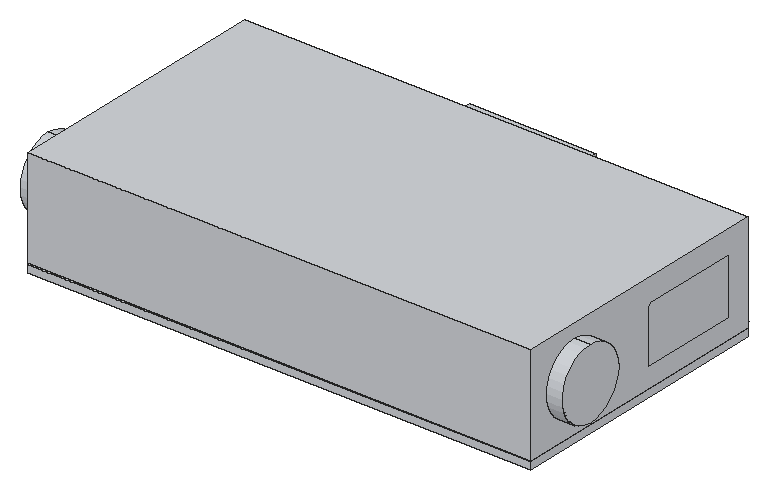
Revit family "AHU 2 _2", category Mechanické zařízení, Revit 2018
Family settings
  Kóta kulaté spojky = Použít průměr
  Typ dílu = Normální
  Číslo OmniClass = 23.75.00.00
  Nadpis OmniClass = Climate Control (HVAC)
  Založené na pracovní rovině = Ne
  Vždy vertikální = Ano
  Ořezat dutým tvarem při načtení = Ne
  Sdílené = Ne
  Bod výpočtu místnosti = Ne
Parameters (values of type "DUPLEXVENT 800 Multi Eco")
  Width [instance] = 0.97 mm
  Weight [instance] = 114.00 kg
  URL = ""
  Type [instance] = "DUPLEXVENT 800 Multi Eco"
  Total_SFP [instance] = 0
  Supply_outlet_hum [instance] = 90
  Supply_inlet_hum [instance] = 90
  Supply_ext_pressure [instance] = 0.0 Pa
  Supply_SFP [instance] = 0
  Source_adu_file [instance] = ""
  Recuperation_type [instance] = "Plate heat recovery exchanger"
  Recuperation_efficiency_EN308 [instance] = 91.8
  Project_name [instance] = ""
  Project_date [instance] = "10.8.2023"
  Power_supply_fusing [instance] = "0"
  Power_supply_cable [instance] = "0"
  Position [instance] = "AHU 2 "
  Phases_count [instance] = 1
  Panel_thickness [instance] = 0.06 mm
  Outer_surface [instance] = "RAL 9002"
  Length [instance] = 1.8 mm
  Insulation_type [instance] = "PUR"
  Insulation_thickness [instance] = 0.05 mm
  Installation_environment [instance] = ""
  Input_power_max [instance] = 770 W
  Inner_surface [instance] = "Pozink"
  I2 [instance] = I1  # 0.0 L/s
  Height [instance] = 0.384 mm
  Exhaust_outlet_hum [instance] = 0
  Exhaust_inlet_hum [instance] = 40
  Exhaust_ext_pressure [instance] = 0.0 Pa
  Exhaust_SFP [instance] = 0
  E1 [instance] = E2 - M1  # 0.0 L/s
  E2 [instance] = 0.0 L/s
  I1 [instance] = 0.0 L/s
  Description = ""
  M1 [instance] = 0.0 L/s
  Device_dutypoint_version [instance] = "1"
  Device_design_version [instance] = "13"
  Device_adu_id [instance] = "2"
  Current_max [instance] = 5 A
  Casing_mat [instance] = "painted zinc layer"
  Cable type [instance] = "CYKY 3Jx2,5"
Reference planes
  plane 1 "Střed (vpředu/vzadu)": y = 0
  plane 2 "ref": z = 0
  plane 3 "Střed (vlevo/vpravo)": x = 0
Forms (mm)
  Sweep 1, solid
    path origin (0, 0, -354) x (0, 0, 1) y (1, 0, 0)
      loop
        line (0, 0) -> (354, 0)
    profile origin (0, 0, -354) x (1, 0, 0) y (0, 1, 0)
      loop
        line (0, 0) -> (1800, 0) -> (1800, 970) -> (0, 970) -> (0, 0)
  Sweep 2, solid
    path origin (1800, 190, -170) x (0, 0, -1) y (1, 0, 0)
      loop
        line (0, 0) -> (0, 60)
    profile origin (1800, 190, -170) x (0, 0, 1) y (0, -1, 0)
      loop
        circle (0, 0) r 125
  Sweep 3, solid
    path origin (1, 643, -170) x (0, 1, 0) y (-1, 0, 0)
      loop
        line (0, 0) -> (0, 1)
    profile origin (1, 643, -170) x (0, -1, 0) y (0, 0, 1)
      loop
        line (-175, 100) -> (-175, -100) -> (175, -100) -> (175, 100) -> (-175, 100)
  Sweep 4, solid
    path origin (0, 190, -170) x (0, 0, -1) y (1, 0, 0)
      loop
        line (0, 0) -> (0, -80)
    profile origin (0, 190, -170) x (0, 0, -1) y (0, -1, 0)
      loop
        circle (0, 0) r 125
  Sweep 5, solid
    path origin (1799, 703, -184) x (1, 0, 0) y (0, 1, 0)
      loop
        line (0, 0) -> (1, 0)
    profile origin (1799, 703, -184) x (0, 1, 0) y (0, 0, 1)
      loop
        line (175, 100) -> (-175, 100) -> (-175, -100) -> (175, -100) -> (175, 100)
  Sweep 6, solid
    path origin (1745, 970, -371) x (0, 1, 0) y (-1, 0, 0)
      loop
        line (0, 0) -> (50, 0)
    profile origin (1745, 970, -371) x (-1, 0, 0) y (0, 0, 1)
      loop
        circle (0, 0) r 16
  Sweep 7, solid
    path origin (575, 970, -371) x (0, 1, 0) y (-1, 0, 0)
      loop
        line (0, 0) -> (50, 0)
    profile origin (575, 970, -371) x (-1, 0, 0) y (0, 0, 1)
      loop
        circle (0, 0) r 16
  Sweep 8, solid
    path origin (0, 0, -384) x (0, 0, 1) y (1, 0, 0)
      loop
        line (0, 0) -> (25, 0)
    profile origin (0, 0, -384) x (1, 0, 0) y (0, 1, 0)
      loop
        line (0, 0) -> (1800, 0) -> (1800, 970) -> (0, 970) -> (0, 0)
  Sweep 9, solid
    path origin (0, 0, -294) x (0, 0, 1) y (1, 0, 0)
      loop
        line (0, 0) -> (235, 0)
    profile origin (0, 0, -294) x (1, 0, 0) y (0, 1, 0)
      loop
        line (723, 970) -> (1177, 970) -> (1177, 1070) -> (723, 1070) -> (723, 970)
  Sweep 10, solid
    path origin (723, 1020, -177) x (0, 0, -1) y (1, 0, 0)
      loop
        line (0, 0) -> (0, -1)
    profile origin (723, 1020, -177) x (0, 0, -1) y (0, -1, 0)
      loop
        circle (0, 0) r 10
Lines and regions (mm)
  model lines, style "Symbol"
    curve 1: line (1062, 0, 0) -> (1062, 194, 0)
    curve 2: line (1062, 970, 0) -> (1062, 776, 0)
    curve 3: line (0, 485, 0) -> (771, 485, 0)
    curve 4: line (1800, 485, 0) -> (1353, 485, 0)
    curve 5: line (771, 485, 0) -> (916, 776, 0)
    curve 6: line (916, 776, 0) -> (1208, 776, 0)
    curve 7: line (1208, 776, 0) -> (1353, 485, 0)
    curve 8: line (1353, 485, 0) -> (1208, 194, 0)
    curve 9: line (1208, 194, 0) -> (1062, 194, 0)
    curve 10: line (1062, 194, 0) -> (916, 194, 0)
    curve 11: line (916, 194, 0) -> (771, 485, 0)
    curve 12: line (213, 658, 0) -> (58, 685, 0)
    curve 13: line (213, 797, 0) -> (58, 770, 0)
    curve 14: line (1587, 797, 0) -> (1742, 770, 0)
    curve 15: line (1587, 658, 0) -> (1742, 685, 0)
    curve 16: line (1764, 388, 0) -> (1764, 97, 0)
    curve 17: line (1764, 97, 0) -> (1656, 97, 0)
    curve 18: line (1656, 97, 0) -> (1656, 388, 0)
    curve 19: line (1656, 388, 0) -> (1764, 388, 0)
    curve 20: line (1710, 388, 0) -> (1656, 242, 0)
    curve 21: line (1710, 97, 0) -> (1656, 242, 0)
    curve 22: line (36, 97, 0) -> (36, 388, 0)
    curve 23: line (36, 388, 0) -> (144, 388, 0)
    curve 24: line (144, 388, 0) -> (144, 97, 0)
    curve 25: line (144, 97, 0) -> (36, 97, 0)
    curve 26: line (90, 97, 0) -> (144, 242, 0)
    curve 27: line (90, 388, 0) -> (144, 242, 0)
    curve 28: line (1217, 192, 0) -> (1349, 451, 0)
    curve 29: line (1349, 451, 0) -> (1392, 429, 0)
    curve 30: line (1392, 429, 0) -> (1260, 170, 0)
    curve 31: line (1260, 170, 0) -> (1217, 192, 0)
    curve 32: line (1305, 354, 0) -> (1357, 371, 0)
    curve 33: line (1252, 250, 0) -> (1304, 267, 0)
    curve 34: line (1800, 0, -1284) -> (1800, 0, -384)
    curve 35: line (0, 0, -1284) -> (0, 0, -384)
    curve 36: line (1800, 0, -1284) -> (0, 0, -1284)
    curve 37: line (1800, 970, -1284) -> (1800, 970, -384)
    curve 38: line (0, 970, -1284) -> (0, 970, -384)
    curve 39: line (1800, 970, -1284) -> (0, 970, -1284)
    curve 40: line (1800, 0, -1284) -> (1800, 970, -1284)
    curve 41: line (0, 0, -1284) -> (0, 970, -1284)
    curve 42: line (1800, 770, -1284) -> (1600, 970, -1284)
    curve 43: line (1800, 570, -1284) -> (1400, 970, -1284)
    curve 44: line (1800, 370, -1284) -> (1200, 970, -1284)
    curve 45: line (1800, 170, -1284) -> (1000, 970, -1284)
    curve 46: line (1770, 0, -1284) -> (800, 970, -1284)
    curve 47: line (1570, 0, -1284) -> (600, 970, -1284)
    curve 48: line (1370, 0, -1284) -> (400, 970, -1284)
    curve 49: line (1170, 0, -1284) -> (200, 970, -1284)
    curve 50: line (970, 0, -1284) -> (0, 970, -1284)
    curve 51: line (770, 0, -1284) -> (0, 770, -1284)
    curve 52: line (570, 0, -1284) -> (0, 570, -1284)
    curve 53: line (370, 0, -1284) -> (0, 370, -1284)
    curve 54: line (170, 0, -1284) -> (0, 170, -1284)
    curve 55: line (0, 770, -1284) -> (0, 970, -1084)
    curve 56: line (0, 570, -1284) -> (0, 970, -884)
    curve 57: line (0, 370, -1284) -> (0, 970, -684)
    curve 58: line (0, 170, -1284) -> (0, 970, -484)
    curve 59: line (0, 0, -1254) -> (0, 870, -384)
    curve 60: line (0, 0, -1054) -> (0, 670, -384)
    curve 61: line (0, 0, -854) -> (0, 470, -384)
    curve 62: line (0, 0, -654) -> (0, 270, -384)
    curve 63: line (0, 0, -454) -> (0, 70, -384)
    curve 64: line (1800, 970, -1084) -> (1600, 970, -1284)
    curve 65: line (1800, 970, -884) -> (1400, 970, -1284)
    curve 66: line (1800, 970, -684) -> (1200, 970, -1284)
    curve 67: line (1800, 970, -484) -> (1000, 970, -1284)
    curve 68: line (1700, 970, -384) -> (800, 970, -1284)
    curve 69: line (1500, 970, -384) -> (600, 970, -1284)
    curve 70: line (1300, 970, -384) -> (400, 970, -1284)
    curve 71: line (1100, 970, -384) -> (200, 970, -1284)
    curve 72: line (900, 970, -384) -> (0, 970, -1284)
    curve 73: line (700, 970, -384) -> (0, 970, -1084)
    curve 74: line (500, 970, -384) -> (0, 970, -884)
    curve 75: line (300, 970, -384) -> (0, 970, -684)
    curve 76: line (100, 970, -384) -> (0, 970, -484)
    curve 77: line (0, 1710, 0) -> (0, 970, 0)
    curve 78: line (1800, 1710, 0) -> (1800, 970, 0)
    curve 79: line (0, 1710, 0) -> (1800, 1710, 0)
    curve 80: line (0, 1710, -354) -> (0, 970, -354)
    curve 81: line (1800, 1710, -354) -> (1800, 970, -354)
    curve 82: line (0, 1710, -354) -> (1800, 1710, -354)
    curve 83: line (0, 1710, 0) -> (0, 1710, -354)
    curve 84: line (1800, 1710, 0) -> (1800, 1710, -354)
    curve 85: line (0, 1710, -154) -> (200, 1710, -354)
    curve 86: line (46, 1710, 0) -> (400, 1710, -354)
    curve 87: line (246, 1710, 0) -> (600, 1710, -354)
    curve 88: line (446, 1710, 0) -> (800, 1710, -354)
    curve 89: line (646, 1710, 0) -> (1000, 1710, -354)
    curve 90: line (846, 1710, 0) -> (1200, 1710, -354)
    curve 91: line (1046, 1710, 0) -> (1400, 1710, -354)
    curve 92: line (1246, 1710, 0) -> (1600, 1710, -354)
    curve 93: line (1446, 1710, 0) -> (1800, 1710, -354)
    curve 94: line (1646, 1710, 0) -> (1800, 1710, -154)
    curve 95: line (1800, 1710, -154) -> (1800, 1510, -354)
    curve 96: line (1800, 1664, 0) -> (1800, 1310, -354)
    curve 97: line (1800, 1464, 0) -> (1800, 1110, -354)
    curve 98: line (1800, 1264, 0) -> (1800, 970, -294)
    curve 99: line (1800, 1064, 0) -> (1800, 970, -94)
    curve 100: line (0, 1510, -354) -> (200, 1710, -354)
    curve 101: line (0, 1310, -354) -> (400, 1710, -354)
    curve 102: line (0, 1110, -354) -> (600, 1710, -354)
    curve 103: line (60, 970, -354) -> (800, 1710, -354)
    curve 104: line (260, 970, -354) -> (1000, 1710, -354)
    curve 105: line (460, 970, -354) -> (1200, 1710, -354)
    curve 106: line (660, 970, -354) -> (1400, 1710, -354)
    curve 107: line (860, 970, -354) -> (1600, 1710, -354)
    curve 108: line (1060, 970, -354) -> (1800, 1710, -354)
    curve 109: line (1260, 970, -354) -> (1800, 1510, -354)
    curve 110: line (1460, 970, -354) -> (1800, 1310, -354)
    curve 111: line (1660, 970, -354) -> (1800, 1110, -354)
    curve 112: line (0, 0, -359) -> (0, 970, -359)
    curve 113: line (0, 970, -359) -> (860, 970, -359)
    curve 114: line (860, 970, -359) -> (860, 0, -359)
    curve 115: line (860, 0, -359) -> (0, 0, -359)
    curve 116: line (940, 0, -359) -> (940, 970, -359)
    curve 117: line (940, 970, -359) -> (1800, 970, -359)
    curve 118: line (1800, 970, -359) -> (1800, 0, -359)
    curve 119: line (1800, 0, -359) -> (940, 0, -359)
    curve 120: line (0, 0, -359) -> (1800, 0, -359)
    curve 121: line (0, 970, -359) -> (1800, 970, -359)
    curve 122: line (0, 0, -359) -> (0, 970, -359)
    curve 123: line (1800, 0, -359) -> (1800, 970, -359)
    curve 124: line (0, 0, -359) -> (0, 0, -384)
    curve 125: line (1800, 0, -359) -> (1800, 0, -384)
    curve 126: line (0, 970, -359) -> (0, 970, -384)
    curve 127: line (1800, 970, -359) -> (1800, 970, -384)
    curve 128: line (-51, 920, 0) -> (-51, 970, 0)
    curve 129: line (-51, 970, 0) -> (-1, 970, 0)
    curve 130: line (-1, 970, 0) -> (-1, 920, 0)
    curve 131: line (-1, 920, 0) -> (-51, 920, 0)
    curve 132: line (-1, 920, -150) -> (-1, 920, 0)
    curve 133: line (-1, 920, 0) -> (-1, 970, 0)
    curve 134: line (-1, 970, 0) -> (-1, 970, -150)
    curve 135: line (-1, 970, -150) -> (-1, 920, -150)
    curve 136: line (-13, 920, -150) -> (-51, 920, 0)
    curve 137: line (-51, 920, 0) -> (-1, 920, 0)
    curve 138: line (-1, 920, 0) -> (-1, 920, -150)
    curve 139: line (-1, 920, -150) -> (-13, 920, -150)
    curve 140: line (-13, 970, -150) -> (-51, 970, 0)
    curve 141: line (-51, 970, 0) -> (-1, 970, 0)
    curve 142: line (-1, 970, 0) -> (-1, 970, -150)
    curve 143: line (-1, 970, -150) -> (-13, 970, -150)
    curve 144: line (-51, 0, 0) -> (-51, 50, 0)
    curve 145: line (-51, 50, 0) -> (-1, 50, 0)
    curve 146: line (-1, 50, 0) -> (-1, 0, 0)
    curve 147: line (-1, 0, 0) -> (-51, 0, 0)
    curve 148: line (-1, 0, -150) -> (-1, 0, 0)
    curve 149: line (-1, 0, 0) -> (-1, 50, 0)
    curve 150: line (-1, 50, 0) -> (-1, 50, -150)
    curve 151: line (-1, 50, -150) -> (-1, 0, -150)
    curve 152: line (-13, 0, -150) -> (-51, 0, 0)
    curve 153: line (-51, 0, 0) -> (-1, 0, 0)
    curve 154: line (-1, 0, 0) -> (-1, 0, -150)
    curve 155: line (-1, 0, -150) -> (-13, 0, -150)
    curve 156: line (-13, 50, -150) -> (-51, 50, 0)
    curve 157: line (-51, 50, 0) -> (-1, 50, 0)
    curve 158: line (-1, 50, 0) -> (-1, 50, -150)
    curve 159: line (-1, 50, -150) -> (-13, 50, -150)
    curve 160: line (1851, 50, 0) -> (1851, 0, 0)
    curve 161: line (1851, 0, 0) -> (1801, 0, 0)
    curve 162: line (1801, 0, 0) -> (1801, 50, 0)
    curve 163: line (1801, 50, 0) -> (1851, 50, 0)
    curve 164: line (1801, 50, -150) -> (1801, 50, 0)
    curve 165: line (1801, 50, 0) -> (1801, 0, 0)
    curve 166: line (1801, 0, 0) -> (1801, 0, -150)
    curve 167: line (1801, 0, -150) -> (1801, 50, -150)
    curve 168: line (1813, 50, -150) -> (1851, 50, 0)
    curve 169: line (1851, 50, 0) -> (1801, 50, 0)
    curve 170: line (1801, 50, 0) -> (1801, 50, -150)
    curve 171: line (1801, 50, -150) -> (1813, 50, -150)
    curve 172: line (1813, 0, -150) -> (1851, 0, 0)
    curve 173: line (1851, 0, 0) -> (1801, 0, 0)
    curve 174: line (1801, 0, 0) -> (1801, 0, -150)
    curve 175: line (1801, 0, -150) -> (1813, 0, -150)
    curve 176: line (1851, 970, 0) -> (1851, 920, 0)
    curve 177: line (1851, 920, 0) -> (1801, 920, 0)
    curve 178: line (1801, 920, 0) -> (1801, 970, 0)
    curve 179: line (1801, 970, 0) -> (1851, 970, 0)
    curve 180: line (1801, 970, -150) -> (1801, 970, 0)
    curve 181: line (1801, 970, 0) -> (1801, 920, 0)
    curve 182: line (1801, 920, 0) -> (1801, 920, -150)
    curve 183: line (1801, 920, -150) -> (1801, 970, -150)
    curve 184: line (1813, 970, -150) -> (1851, 970, 0)
    curve 185: line (1851, 970, 0) -> (1801, 970, 0)
    curve 186: line (1801, 970, 0) -> (1801, 970, -150)
    curve 187: line (1801, 970, -150) -> (1813, 970, -150)
    curve 188: line (1813, 920, -150) -> (1851, 920, 0)
    curve 189: line (1851, 920, 0) -> (1801, 920, 0)
    curve 190: line (1801, 920, 0) -> (1801, 920, -150)
    curve 191: line (1801, 920, -150) -> (1813, 920, -150)
    curve 192: circle (145, 728, 0) r 97 normal (0, 0, 1)
    curve 193: circle (1655, 728, 0) r 97 normal (0, 0, 1)
    curve 194: circle (1331, 362, 0) r 7 normal (0, 0, 1)
    curve 195: circle (1278, 259, 0) r 7 normal (0, 0, 1)
    curve 196: circle (-26, 945, 0) r 5 normal (0, 0, 1)
    curve 197: circle (-26, 25, 0) r 5 normal (0, 0, 1)
    curve 198: circle (1826, 25, 0) r 5 normal (0, 0, 1)
    curve 199: circle (1826, 945, 0) r 5 normal (0, 0, 1)
Dimensions and locks
  aligned and locked: level to plane 2 "ref"
Connectors
  hvac at (1860, 190, -170), driven by "E1"
    settings: on Sweep 2, index 1, duct flow 0.0 L/s, flow factor 0, pres drop 0.0 Pa, loss coef 0, conn angle 0.00°, conn width 304.8 mm, conn height 304.8 mm, conn diameter 250 mm, duct sys type 1, conn prof type 0, flow config 1, flow direction 1, loss method 0, conn ref index -1, conn util no, is conn primary yes, conn desc ""
  hvac at (0, 643, -170), driven by "E2"
    settings: on Sweep 3, index 2, duct flow 0.0 L/s, flow factor 1, pres drop 0.0 Pa, loss coef 0, conn angle 0.00°, conn width 350 mm, conn height 200 mm, conn diameter 609.6 mm, duct sys type 1, conn prof type 1, flow config 2, flow direction 2, loss method 0, conn ref index -1, conn util no, is conn primary no, conn desc ""
  hvac at (-80, 190, -170), driven by "I1"
    settings: on Sweep 4, index 3, duct flow 0.0 L/s, flow factor 1, pres drop 0.0 Pa, loss coef 0, conn angle 0.00°, conn width 304.8 mm, conn height 304.8 mm, conn diameter 250 mm, duct sys type 3, conn prof type 0, flow config 2, flow direction 1, loss method 0, conn ref index -1, conn util no, is conn primary no, conn desc ""
  hvac at (1800, 703, -184), driven by "I2"
    settings: on Sweep 5, index 4, duct flow 0.0 L/s, flow factor 0, pres drop 0.0 Pa, loss coef 0, conn angle 0.00°, conn width 350 mm, conn height 200 mm, conn diameter 609.6 mm, duct sys type 3, conn prof type 1, flow config 1, flow direction 2, loss method 0, conn ref index -1, conn util no, is conn primary no, conn desc ""
  piping at (1745, 1020, -371), diameter 22
    settings: on Sweep 6, index 5, connector inside diameter 609.6 mm, connector length 0 mm, flow factor 0, pipe flow 0.0 L/s, pressure drop 0.0 Pa, fitting loss kfactor 0, connector angle 0.00°, fixture units 0, engagement length 0 mm, angle of deflection 0.00°, flow configuration 1, flow direction 2, fitting loss method 0, system type 16, joint type 0, gender type 0, connector reference index -1, connector utility 0, adjustable connector no, is connector primary yes, connector description ""
  piping at (575, 1020, -371), diameter 22
    settings: on Sweep 7, index 6, connector inside diameter 609.6 mm, connector length 0 mm, flow factor 0, pipe flow 0.0 L/s, pressure drop 0.0 Pa, fitting loss kfactor 0, connector angle 0.00°, fixture units 0, engagement length 0 mm, angle of deflection 0.00°, flow configuration 1, flow direction 2, fitting loss method 0, system type 16, joint type 0, gender type 0, connector reference index -1, connector utility 0, adjustable connector no, is connector primary no, connector description ""
  electrical at (722, 1020, -177)
    settings: on Sweep 10, index 7, voltage 230 V, apparent load 0 VA, apparent load phase1 0 VA, apparent load phase2 0 VA, apparent load phase3 0 VA, power factor 1, load classification "Další", number of poles 1, system type 31, power factor state 1, is connector primary yes, connector utility no, sub classification motor no, connector description ""
